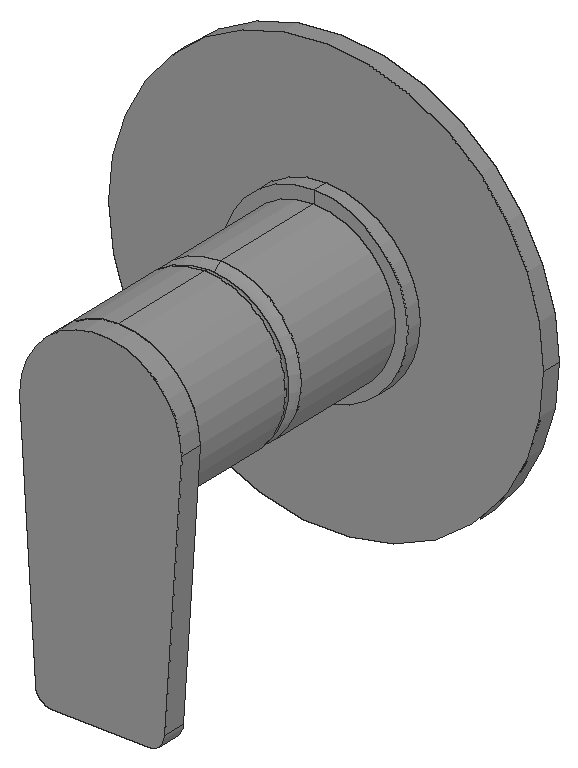
Revit family "MZ RECEP CONCEPT", category Plumbing Fixtures, Revit 2019
Family settings
  Round Connector Dimension = Use Diameter
  Part Type = Normal
  OmniClass Number = 23.45.00.00
  OmniClass Title = Sanitary, Laundry, and Cleaning Equipment
  Work Plane-Based = No
  Always vertical = Yes
  Cut with Voids When Loaded = No
  Shared = No
  Room Calculation Point = No
Reference planes
  plane 1 "Center (Front/Back)": y = 0
  plane 2: z = 0
  plane 3 "Center (Left/Right)": x = 0
Forms (mm)
  Revolve 1, solid
    sketch origin (0, 0, -24.75) x (0, 1, 0) y (0, 0, 1)
      loop
        line (-3.5, 24.75) -> (-3.5, 36.75) -> (-5.5, 36.75) -> (-5.5, 35.15) -> (-20.5, 35.15)
        arc (-20.5, 35.15) -> (-21.48, 34.347) -> (-21.9, 33.151) r 2.346
        line (-21.9, 33.151) -> (-21.9, 33.964)
        arc (-21.9, 33.964) -> (-22.247, 34.803) -> (-23.086, 35.15) r 1.186
        line (-23.086, 35.15) -> (-36.9, 35.15) -> (-36.9, 24.75) -> (-3.5, 24.75)
      axis (-3.5, 24.75) -> (-36.9, 24.75)
    angle from 0 to 360
  Extrusion 2, solid
    sketch origin (0, 0, -24.75) x (1, 0, 0) y (0, 0, 1)
      loop
        line (-6.201, -10.25) -> (6.069, -10.25)
        arc (6.069, -10.25) -> (7.551, -9.665) -> (8.232, -8.225) r 2.167
        line (8.232, -8.225) -> (10.4, 24.75)
        arc (10.4, 24.75) -> (0, 35.15) -> (-10.4, 24.75) r 10.4
        line (-10.4, 24.75) -> (-8.397, -8.184)
        arc (-8.397, -8.184) -> (-7.708, -9.652) -> (-6.201, -10.25) r 2.2
    from 36.9 to 39.823
  Extrusion 3, solid
    sketch origin (0, 0, 0) x (1, 0, 0) y (0, 0, 1)
      loop
        circle (0, 0) r 28
    from 1.166 to 3.5
Dimensions and locks
  aligned and locked: level to plane 2
Connectors
  piping at (0, -1.166, 0), diameter 24
    settings: on Extrusion 3, index 1, connector inside diameter 609.6 mm, connector length 0 mm, flow factor 0, pipe flow 0.0 L/s, pressure drop 0.0 Pa, fitting loss kfactor 0, connector angle 0.00°, fixture units 0, engagement length 0 mm, angle of deflection 0.00°, flow configuration 0, flow direction 0, fitting loss method 0, system type 7, joint type 0, gender type 0, connector reference index -1, connector utility 0, adjustable connector no, is connector primary yes, connector description ""
